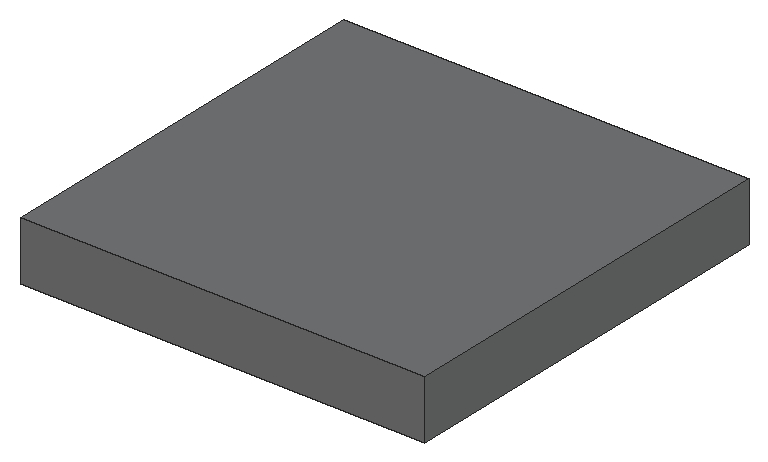
Revit family "Gira_027001", category Electrical Fixtures, host Face, Revit 2017
Family settings
  Host = Face
  Maintain Annotation Orientation = No
  Round Connector Dimension = Use Diameter
  Part Type = Normal
  Cut with Voids When Loaded = No
  Shared = No
  Room Calculation Point = No
Parameters (values of type "Abd. UAE/IAE + Netzwerk System 55 Cremeweiß")
  Zusammenstellung = "Zentralplatte"
  Werkstoffgüte = "sonstige"
  Werkstoff = "Kunststoff"
  Verwendung = "UAE/IAE"
  URL = "http://katalog.gira.de/de_DE/datenblatt.html?artikelnr=027001"
  Transparent = "No"
  Tragring = "No"
  Region = "DE"
  RAL-Nummer (ähnlich) = "1013 "
  Oberfläche = "sonstige"
  Name = "Abd. UAE/IAE + Netzwerk System 55 Cremeweiß"
  Montageart = "unter Putz"
  Mit Zugentlastung = "No"
  Mit Staubschutz = "No"
  Mit Klappdeckel = "No"
  Mit Aufdruck = "No"
  Manufacturer URL = "https://www.gira.de/"
  Lüsterklemme = "No"
  Keynote = "Sys55_Abdeckung_Schalten und Tasten"
  HeinzeBIM = "https://bimportal.heinze.de/bim/abd-uae-iae-netzwerk-system-55-cremeweiss/7b75b0d9ccdf65bfcebbfd9b77f2dc3172bf5d23"
  Halogenfrei = "Yes"
  HAN = "027001"
  Geeignet für Schutzart (IP) = "IP20"
  GTIN = "4010337270010"
  Farbe = "cremeweiß (elektroweiß)"
  Default Elevation = 1219.2 mm
  Data sheet (1) = "https://katalog.gira.de/de_DE/download.html?artikelnr=027001"
  Category = "Einsatz/Abdeckung für Kommunikationstechnik"
  Beschriftungsfeld = "ohne Beschriftungsfeld"
  Befestigungsart = "Befestigung mit Schraube"
  Available = "Yes"
  Ausführung der Oberfläche = "glänzend"
  Anthrazit [instance] = Anthrazit
Reference planes
  plane 1 "Center (Front/Back)": y = 0
  plane 2: z = 0
  plane 3 "Center (Left/Right)": x = 0
Forms (mm)
  Extrusion 1, solid, material "Anthrazit" <- "Anthrazit", detail levels fine
    sketch origin (0, 0, 0) x (1, 0, 0) y (0, 1, 0)
      loop
        line (-27.5, 27.5) -> (-27.5, -27.5) -> (27.5, -27.5) -> (27.5, 27.5) -> (-27.5, 27.5)
    from 0 to 8
  Extrusion 2, void
    sketch origin (0, 0, 0) x (1, 0, 0) y (0, 1, 0)
      loop
        line (26, 26) -> (-26, 26) -> (-26, -26) -> (26, -26) -> (26, 26)
    from 0 to 6
  Extrusion 3, solid, material "Anthrazit" <- "Anthrazit", detail levels medium
    sketch origin (0, 0, 0) x (1, 0, 0) y (0, 1, 0)
      loop
        line (-27.5, 27.5) -> (-27.5, -27.5) -> (27.5, -27.5) -> (27.5, 27.5) -> (-27.5, 27.5)
    from 0 to 8
  Extrusion 4, solid, material "Anthrazit" <- "Anthrazit", detail levels medium
    sketch origin (0, 0, 0) x (1, 0, 0) y (0, 1, 0)
      loop
        line (11, -17.5) -> (11, 17.5) -> (-11, 17.5) -> (-11, -17.5) -> (11, -17.5)
    from -6 to 6
  Extrusion 5, solid, material "Anthrazit" <- "Anthrazit", detail levels fine
    sketch origin (0, 0, 0) x (1, 0, 0) y (0, 1, 0)
      loop
        line (11, 17.5) -> (-11, 17.5) -> (-11, 16.5) -> (11, 16.5) -> (11, 17.5)
      loop
        line (-11, -16.5) -> (-11, -17.5) -> (11, -17.5) -> (11, -16.5) -> (-11, -16.5)
    from -4 to 6
  Extrusion 6, solid, material "Anthrazit" <- "Anthrazit", detail levels fine
    sketch origin (0, 0, 0) x (1, 0, 0) y (0, 1, 0)
      loop
        arc (5, 9.347) -> (0, 10.6) -> (-5, 9.347) r 10.6
        line (-5, 9.347) -> (-5, -9.347)
        arc (-5, -9.347) -> (0, -10.6) -> (5, -9.347) r 10.6
        line (5, -9.347) -> (5, 9.347)
    from -6 to 6
  Extrusion 7, solid, material "Anthrazit" <- "Anthrazit", detail levels coarse
    sketch origin (0, 0, 0) x (1, 0, 0) y (0, 1, 0)
      loop
        line (-27.5, 27.5) -> (-27.5, -27.5) -> (27.5, -27.5) -> (27.5, 27.5) -> (-27.5, 27.5)
    from -6 to 8
Cuts and joins
  Extrusion 2 cuts Extrusion 1
Dimensions and locks
  aligned and locked: plane 2 to host face
  aligned and locked: level to host face
